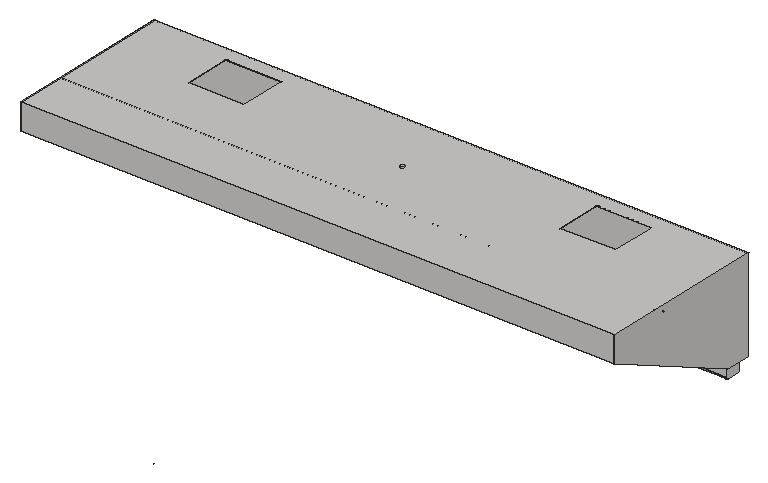
Revit family "QF_ELECTROLUXPROFESSIONAL_644188_AMPV932BT", category Specialty Equipment, Revit 2014
Reference planes
  plane 1: z = 0
  plane 2 "Center (Left/Right)": x = 150
  plane 3 "LEFT": x = -1450
  plane 4 "RIGHT": x = 1750
  plane 5 "BACK": y = 550
  plane 6 "Plane": z = 2000
  plane 7 "TOP": z = 2140
  plane 8 "Base": z = 1640
  plane 9: z = 1566
  plane 10 "DrainY": y = 485
  plane 11: x = -1447
  plane 12: through (0, 414.509, 1640.8) normal (0, 0.7314, 0.682)
  plane 13: y = 470
  plane 14: y = 220
  plane 15 "DrainX": x = 1630
  plane 16: x = -700
  plane 17: x = 1000
  plane 18: x = -1000
  plane 19: x = 1300
  plane 20: x = 1747
  plane 21: x = 1540
  plane 22: x = 1720
  plane 23: x = -1410
  plane 24: x = -1045
  plane 25: x = -650
  plane 26: x = 1710
  plane 27: x = 1345
  plane 28: x = 950
  plane 29: y = -350
  plane 30 "Center (Front/Back)": y = 100
Forms (mm)
  Extrusion 1, solid, material "QF_Finishes_Stainless Steel"
    sketch origin (-1450, 0, 0) x (0, 1, 0) y (0, 0, 1)
      loop
        line (550, 1640) -> (550, 2140) -> (-350, 2140) -> (-350, 2000) -> (415.255, 1640) -> (550, 1640)
    from 0 to 3
  Extrusion 2, solid, material "QF_Finishes_Stainless Steel"
    sketch origin (150, 0, 0) x (0, 1, 0) y (0, 0, 1)
      loop
        line (415.255, 1640) -> (550, 1640) -> (550, 2139.19) -> (549.2, 2139.19) -> (549.2, 1640.8) -> (415.876, 1640.8) -> (339.347, 1722.867) -> (349.609, 1732.436) -> (348.927, 1733.167) -> (337.934, 1722.917) -> (415.255, 1640)
      loop
        line (-82.203, 2139.19) -> (-82.203, 2118.6) -> (-31.047, 2118.6) -> (34.354, 2048.466) -> (46.028, 2059.352) -> (45.346, 2060.083) -> (34.403, 2049.879) -> (-30.612, 2119.6) -> (-81.203, 2119.6) -> (-81.203, 2139.19) -> (-82.203, 2139.19)
    from -1597 to 1597
  Extrusion 3, solid, material "QF_Finishes_Stainless Steel"
    sketch origin (1750, 0, 0) x (0, 1, 0) y (0, 0, 1)
      loop
        line (550, 1640) -> (550, 2140) -> (-350, 2140) -> (-350, 2000) -> (415.255, 1640) -> (550, 1640)
    from 0 to -3
  Extrusion 4, solid, material "QF_Finishes_Stainless Steel"
    sketch origin (150, 0, 0) x (0, 1, 0) y (0, 0, 1)
      loop
        line (-350, 2140) -> (-350, 2000) -> (-349.2, 2000) -> (-349.2, 2139.19) -> (550, 2139.19) -> (550, 2140) -> (-350, 2140)
    from -1600 to 1600
  Extrusion 5, solid, material "QF_Finishes_Stainless Steel"
    sketch origin (150, 0, 0) x (0, 1, 0) y (0, 0, 1)
      loop
        line (534, 1640) -> (436, 1640) -> (436, 1627) -> (443.5, 1627) -> (443.5, 1576)
        arc (443.5, 1576) -> (446.429, 1568.929) -> (453.5, 1566) r 10
        line (453.5, 1566) -> (516.5, 1566)
        arc (516.5, 1566) -> (523.571, 1568.929) -> (526.5, 1576) r 10
        line (526.5, 1576) -> (526.5, 1627) -> (534, 1627) -> (534, 1640)
    from 1390 to 1570
  Extrusion 6, solid, material "QF_Finishes_Stainless Steel"
    sketch origin (0, 0, 1640) x (0, 1, 0) y (-1, 0, 0)
      loop
        circle (485, -1630) r 20
    from -76 to -74
  Extrusion 7, solid, material "QF_Finished_Chrome"
    sketch origin (150, 0, 0) x (0, 1, 0) y (0, 0, 1)
      loop
        line (337.934, 1722.917) -> (341.591, 1726.327) -> (38.011, 2051.876) -> (34.354, 2048.466) -> (337.934, 1722.917)
    from -1195 to -1560
  Extrusion 8, solid, material "QF_Finished_Chrome"
    sketch origin (150, 0, 0) x (0, 1, 0) y (0, 0, 1)
      loop
        line (337.934, 1722.917) -> (341.591, 1726.327) -> (38.011, 2051.876) -> (34.354, 2048.466) -> (337.934, 1722.917)
    from 800 to -800
  Extrusion 9, solid, material "QF_Finishes_Stainless Steel"
    sketch origin (150, 0, 0) x (0, 1, 0) y (0, 0, 1)
      loop
        line (337.934, 1722.917) -> (341.591, 1726.327) -> (38.011, 2051.876) -> (34.354, 2048.466) -> (337.934, 1722.917)
    from 1597 to 1560
  Extrusion 10, solid, material "QF_Finishes_Stainless Steel"
    sketch origin (150, 0, 0) x (0, 1, 0) y (0, 0, 1)
      loop
        line (341.588, 1726.324) -> (38.009, 2051.874) -> (34.354, 2048.466) -> (337.934, 1722.917) -> (341.588, 1726.324)
    from -1195 to -800
  Extrusion 11, solid, material "QF_Finished_Chrome"
    sketch origin (150, 0, 0) x (0, 1, 0) y (0, 0, 1)
      loop
        line (341.588, 1726.324) -> (38.009, 2051.874) -> (34.354, 2048.466) -> (337.934, 1722.917) -> (341.588, 1726.324)
    from 1195 to 1560
  Extrusion 12, void
    sketch origin (0, 0, 2140) x (0, 1, 0) y (-1, 0, 0)
      loop
        line (470, 1000) -> (220, 1000) -> (220, 700) -> (470, 700) -> (470, 1000)
    from 0 to -10
  Extrusion 13, void
    sketch origin (940, 0, 2140) x (0, 1, 0) y (-1, 0, 0)
      loop
        line (470, -60) -> (220, -60) -> (220, -360) -> (470, -360) -> (470, -60)
    from 0 to -10
  Extrusion 14, solid, material "QF_Finishes_Stainless Steel"
    sketch origin (0, 0, 0) x (1, 0, 0) y (0, 1, 0)
      loop
        line (-1450, 550) -> (-1450, 549) -> (-1449, 549) -> (-1449, 550) -> (-1450, 550)
    from 0 to 1
  Extrusion 15, solid, material "QF_Finishes_Stainless Steel"
    sketch origin (150, 0, 0) x (0, 1, 0) y (0, 0, 1)
      loop
        line (337.934, 1722.917) -> (341.591, 1726.327) -> (38.011, 2051.876) -> (34.354, 2048.466) -> (337.934, 1722.917)
    from -1560 to -1597
  Extrusion 16, solid, material "QF_Finishes_Stainless Steel"
    sketch origin (150, 0, 0) x (0, 1, 0) y (0, 0, -1)
      loop
        line (341.588, -1726.324) -> (337.934, -1722.917) -> (34.354, -2048.466) -> (38.009, -2051.874) -> (341.588, -1726.324)
    from -1195 to -800
  Extrusion 17, solid, material "QF_Finishes_Stainless Steel"
    sketch origin (0, 0, 2140) x (0, 1, 0) y (-1, 0, 0)
      loop
        circle (220, -150) r 10
    from 0 to 1.6
Cuts and joins
  Extrusion 12, Extrusion 13 cuts Extrusion 4
  joined: Extrusion 2, Extrusion 4
Lines and regions (mm)
  reference lines
    curve 1: line (150, 34.354, 2048.466) -> (150, 34.354, 1888.466)
  symbolic lines, style "SpecialityEquipment", detail levels coarse
    curve 2: line (1750, 550, 2140) -> (-1450, 550, 2140)
    curve 3: line (-1450, 550, 2140) -> (-1450, -350, 2140)
    curve 4: line (1750, -350, 2140) -> (1750, 550, 2140)
    curve 5: line (-1450, -350, 2140) -> (1750, -350, 2140)
    curve 6: line (-1000, 220, 2140) -> (-700, 220, 2140)
    curve 7: line (-1000, 470, 2140) -> (-1000, 220, 2140)
    curve 8: line (-700, 470, 2140) -> (-1000, 470, 2140)
    curve 9: line (-700, 220, 2140) -> (-700, 470, 2140)
    curve 10: line (1000, 470, 2140) -> (1000, 220, 2140)
    curve 11: line (1000, 220, 2140) -> (1300, 220, 2140)
    curve 12: line (1300, 470, 2140) -> (1000, 470, 2140)
    curve 13: line (1300, 220, 2140) -> (1300, 470, 2140)
  symbolic lines, detail levels coarse
    curve 14: line (-1450, -350, 0) -> (1750, 550, 0)
    curve 15: line (1750, -350, 0) -> (-1450, 550, 0)
Dimensions and locks
  plane 3 "LEFT" to plane 4 "RIGHT" = 3200 mm
  equal spacing: plane 3 "LEFT", plane 2 "Center (Left/Right)", plane 4 "RIGHT"
  locked: plane 6 "Plane" to level at 2000
  plane 7 "TOP" to plane 6 "Plane" = 140 mm
  locked: plane 7 "TOP" to plane 8 "Base" at 500
  plane 8 "Base" to plane 9 = 74 mm
  plane 5 "BACK" to plane 10 "DrainY" = 65 mm  (x2)
  plane 3 "LEFT" to plane 11 = 3 mm
  plane 5 "BACK" to plane 13 = 80 mm
  plane 13 to plane 14 = 250 mm  (x2)
  plane 15 "DrainX" to plane 4 "RIGHT" = 120 mm
  locked: plane 16 to plane 17 at 1700
  equal spacing: plane 16, plane 2 "Center (Left/Right)", plane 17
  plane 18 to plane 16 = 300 mm
  plane 17 to plane 19 = 300 mm
  plane 20 to plane 4 "RIGHT" = 3 mm
  locked: plane 21 to plane 15 "DrainX" at 90
  locked: plane 15 "DrainX" to plane 22 at 90
  plane 13 to plane 5 "BACK" = 80 mm
  locked: plane 3 "LEFT" to plane 23 at 40
  locked: plane 23 to plane 24 at 365
  locked: plane 24 to plane 25 at 395
  locked: plane 26 to plane 27 at 365
  locked: plane 27 to plane 28 at 395
  locked: plane 26 to plane 4 "RIGHT" at 40
  plane 25 to plane 28 = 1600 mm
  plane 5 "BACK" to plane 29 = 900 mm  (x2)
  equal spacing: plane 5 "BACK", plane 30 "Center (Front/Back)", plane 29
  plane 14 to plane 29 = 570 mm
  aligned and locked: level to plane 1
  aligned and locked: Extrusion 2 to Extrusion 1
  aligned and locked: Extrusion 2 to Extrusion 3
  aligned and locked: plane 4 "RIGHT" to Extrusion 4
  aligned and locked: Extrusion 4 to plane 3 "LEFT"
  aligned and locked: plane 20 to Extrusion 9
  aligned and locked: plane 18 to Extrusion 12
  aligned and locked: Extrusion 12 to plane 16
  aligned and locked: Extrusion 12 to plane 14
  aligned and locked: Extrusion 12 to plane 13
  aligned and locked: Extrusion 13 to plane 19
  aligned and locked: plane 17 to Extrusion 13
  aligned and locked: Extrusion 2 to Extrusion 4
  aligned and locked: plane 22 to Extrusion 5
  aligned and locked: Extrusion 5 to plane 21
  aligned and locked: Extrusion 9 to plane 26
  aligned and locked: Extrusion 11 to plane 26
  aligned and locked: Extrusion 11 to plane 27
  aligned and locked: Extrusion 8 to plane 28
  aligned and locked: Extrusion 8 to plane 25
  aligned and locked: plane 25 to Extrusion 10
  aligned and locked: Extrusion 10 to plane 24
  aligned and locked: plane 24 to Extrusion 7
  aligned and locked: Extrusion 7 to plane 23
  aligned and locked: Extrusion 15 to plane 11
  aligned and locked: plane 23 to Extrusion 15
  aligned and locked: Extrusion 16 to plane 28
  aligned and locked: Extrusion 16 to plane 27
  aligned and locked: Extrusion 3 to plane 20
Automatic sketch dimensions
  curve 5 to plane 3 "LEFT" = 0 mm
  curve 9 to plane 14 = 0 mm
  curve 10 to plane 14 = 0 mm
  plane 13 to curve 8 = 0 mm
  plane 13 to curve 12 = 0 mm
  curve 3 to plane 5 "BACK" = 0 mm
  curve 5 to plane 4 "RIGHT" = 0 mm
  curve 11 to plane 19 = 0 mm
  curve 10 to plane 17 = 0 mm
  curve 6 to plane 16 = 0 mm
  curve 6 to plane 18 = 0 mm
  Extrusion 2 sketch curve to plane 12 = 0 mm  (x3)
  Extrusion 2 sketch curve to plane 8 "Base" = 0 mm
  plane 12 to Extrusion 2 sketch curve = 0 mm
  Extrusion 2 sketch curve to plane 5 "BACK" = 0 mm
  Extrusion 2 sketch curve to Extrusion 2 sketch curve = 65.646 mm
  Extrusion 2 sketch curve to Extrusion 2 sketch curve = 0.682 mm  (x2)
  Extrusion 2 sketch curve to Extrusion 2 sketch curve = 10.261 mm
  plane 8 "Base" to Extrusion 2 sketch curve = 82.917 mm
  Extrusion 2 sketch curve to Extrusion 2 sketch curve = 10.942 mm
  Extrusion 2 sketch curve to Extrusion 2 sketch curve = 0.049 mm
  Extrusion 2 sketch curve to plane 7 "TOP" = 20.4 mm
  Extrusion 2 sketch curve to plane 7 "TOP" = 21.4 mm
  Extrusion 2 sketch curve to plane 7 "TOP" = 0.81 mm  (x2)
  Extrusion 2 sketch curve to Extrusion 2 sketch curve = 50.156 mm
  Extrusion 2 sketch curve to Extrusion 2 sketch curve = 1 mm
  plane 8 "Base" to Extrusion 2 sketch curve = 0.8 mm
  Extrusion 2 sketch curve to plane 5 "BACK" = 0.8 mm
  Extrusion 4 sketch curve to plane 6 "Plane" = 0 mm
  Extrusion 4 sketch curve to plane 5 "BACK" = 0 mm
  Extrusion 4 sketch curve to plane 7 "TOP" = 0 mm
  Extrusion 4 sketch curve to plane 7 "TOP" = 0.81 mm
  curve 1 to plane 12 = 0 mm
  curve 1 to plane 6 "Plane" = 111.534 mm
  Extrusion 5 sketch curve to plane 8 "Base" = 0 mm
  Extrusion 5 sketch curve to plane 9 = 0 mm
  Extrusion 5 sketch curve to plane 8 "Base" = 13 mm  (x2)
  plane 13 to Extrusion 5 sketch curve = 34 mm
  Extrusion 5 sketch curve to Extrusion 5 sketch curve = 7.5 mm  (x2)
  Extrusion 5 sketch curve to Extrusion 5 sketch curve = 10 mm
  plane 10 "DrainY" to Extrusion 5 sketch curve = 31.5 mm
  Extrusion 5 sketch curve to plane 5 "BACK" = 23.5 mm
  Extrusion 6 sketch curve to plane 10 "DrainY" = 0 mm
  Extrusion 6 sketch curve to plane 15 "DrainX" = 0 mm
  Extrusion 7 sketch curve to plane 12 = 0 mm  (x2)
  Extrusion 7 sketch curve to Extrusion 7 sketch curve = 3.657 mm
  plane 8 "Base" to Extrusion 7 sketch curve = 82.917 mm
  Extrusion 8 sketch curve to plane 12 = 0 mm  (x2)
  Extrusion 8 sketch curve to Extrusion 8 sketch curve = 3.657 mm
  plane 8 "Base" to Extrusion 8 sketch curve = 82.917 mm
  Extrusion 9 sketch curve to plane 12 = 0 mm  (x2)
  Extrusion 9 sketch curve to Extrusion 9 sketch curve = 3.657 mm
  plane 8 "Base" to Extrusion 9 sketch curve = 82.917 mm
  Extrusion 10 sketch curve to plane 12 = 0 mm  (x2)
  Extrusion 10 sketch curve to Extrusion 10 sketch curve = 3.655 mm
  plane 8 "Base" to Extrusion 10 sketch curve = 82.917 mm
  Extrusion 11 sketch curve to plane 12 = 0 mm  (x2)
  Extrusion 11 sketch curve to Extrusion 11 sketch curve = 3.655 mm
  plane 8 "Base" to Extrusion 11 sketch curve = 82.917 mm
  Extrusion 12 sketch curve to plane 14 = 0 mm
  plane 13 to Extrusion 12 sketch curve = 0 mm
  Extrusion 12 sketch curve to plane 16 = 0 mm
  Extrusion 12 sketch curve to plane 18 = 0 mm
  Extrusion 13 sketch curve to plane 14 = 0 mm
  plane 13 to Extrusion 13 sketch curve = 0 mm
  Extrusion 13 sketch curve to plane 19 = 0 mm
  Extrusion 13 sketch curve to plane 17 = 0 mm
  Extrusion 14 sketch curve to plane 3 "LEFT" = 0 mm
  Extrusion 14 sketch curve to plane 5 "BACK" = 0 mm
  plane 3 "LEFT" to Extrusion 14 sketch curve = 1 mm
  Extrusion 14 sketch curve to plane 5 "BACK" = 1 mm
  Extrusion 15 sketch curve to plane 12 = 0 mm  (x2)
  Extrusion 15 sketch curve to Extrusion 15 sketch curve = 3.657 mm
  plane 8 "Base" to Extrusion 15 sketch curve = 82.917 mm
  Extrusion 16 sketch curve to plane 12 = 0 mm  (x2)
  Extrusion 16 sketch curve to Extrusion 16 sketch curve = 3.655 mm
  plane 8 "Base" to Extrusion 16 sketch curve = 82.917 mm
  Extrusion 4 sketch curve to Extrusion 4 sketch curve = 0.8 mm
  curve 5 to plane 29 = 0 mm
  plane 6 "Plane" to Extrusion 2 sketch curve = 48.466 mm
  plane 29 to Extrusion 4 sketch curve = 0.8 mm
  curve 1 to plane 14 = 185.646 mm
  plane 6 "Plane" to Extrusion 7 sketch curve = 51.876 mm
  plane 6 "Plane" to Extrusion 8 sketch curve = 51.876 mm
  plane 6 "Plane" to Extrusion 9 sketch curve = 51.876 mm
  plane 6 "Plane" to Extrusion 10 sketch curve = 51.874 mm
  plane 6 "Plane" to Extrusion 11 sketch curve = 51.874 mm
  plane 6 "Plane" to Extrusion 15 sketch curve = 51.876 mm
  plane 6 "Plane" to Extrusion 16 sketch curve = 51.874 mm
  Extrusion 3 sketch curve to plane 5 "BACK" = 0 mm
  Extrusion 3 sketch curve to plane 7 "TOP" = 0 mm
  Extrusion 3 sketch curve to plane 6 "Plane" = 0 mm
  Extrusion 1 sketch curve to plane 8 "Base" = 0 mm
  plane 12 to Extrusion 1 sketch curve = 0 mm
  Extrusion 1 sketch curve to plane 5 "BACK" = 0 mm
  Extrusion 1 sketch curve to plane 7 "TOP" = 0 mm
  Extrusion 1 sketch curve to plane 29 = 0 mm
  Extrusion 1 sketch curve to plane 6 "Plane" = 0 mm
  Extrusion 3 sketch curve to plane 29 = 0 mm
  Extrusion 3 sketch curve to plane 8 "Base" = 0 mm
  plane 12 to Extrusion 3 sketch curve = 0 mm
  curve 15 to plane 3 "LEFT" = 0 mm
  curve 14 to plane 3 "LEFT" = 0 mm
  curve 15 to plane 4 "RIGHT" = 0 mm
  curve 14 to plane 4 "RIGHT" = 0 mm
  curve 15 to plane 29 = 0 mm
  curve 14 to plane 29 = 0 mm
  curve 15 to plane 5 "BACK" = 0 mm
  curve 14 to plane 5 "BACK" = 0 mm
  Extrusion 17 sketch curve to plane 2 "Center (Left/Right)" = 0 mm
  Extrusion 17 sketch curve to plane 14 = 0 mm
  radius of Extrusion 6 sketch curve = 20 mm
  radius of Extrusion 17 sketch curve = 10 mm
Connectors
  piping at (1630, 485, 1564), diameter 20
    settings: on Extrusion 6, index 1, connector inside diameter 609.6 mm, connector length 0 mm, flow factor 0, pipe flow 0.0 L/s, pressure drop 0.0 Pa, fitting loss kfactor 0, connector angle 0.00°, fixture units 0, engagement length 0 mm, angle of deflection 0.00°, flow configuration 1, flow direction 2, fitting loss method 0, system type 16, joint type 0, gender type 0, connector reference index -1, connector utility 0, adjustable connector no, is connector primary yes, connector description "Drain"
  hvac at (-850, 345, 2140)
    settings: on Extrusion 12, index 2, duct flow 0.0 L/s, flow factor 0, pres drop 0.0 Pa, loss coef 0, conn angle 0.00°, conn width 250 mm, conn height 300 mm, conn diameter 609.6 mm, duct sys type 3, conn prof type 1, flow config 1, flow direction 2, loss method 0, conn ref index -1, conn util no, is conn primary yes, conn desc "EXHAUST OUTLET"
  hvac at (1150, 345, 2140)
    settings: on Extrusion 13, index 3, duct flow 0.0 L/s, flow factor 0, pres drop 0.0 Pa, loss coef 0, conn angle 0.00°, conn width 250 mm, conn height 300 mm, conn diameter 609.6 mm, duct sys type 3, conn prof type 1, flow config 1, flow direction 2, loss method 0, conn ref index -1, conn util no, is conn primary no, conn desc "EXHAUST OUTLET"
  electrical at (150, 220, 2140)
    settings: on Extrusion 17, index 4, voltage 0 V, apparent load 0 VA, apparent load phase1 0 VA, apparent load phase2 0 VA, apparent load phase3 0 VA, power factor 1, load classification "Other", number of poles 1, system type 30, power factor state 1, is connector primary yes, connector utility no, sub classification motor no, connector description "Electrical Connection"
